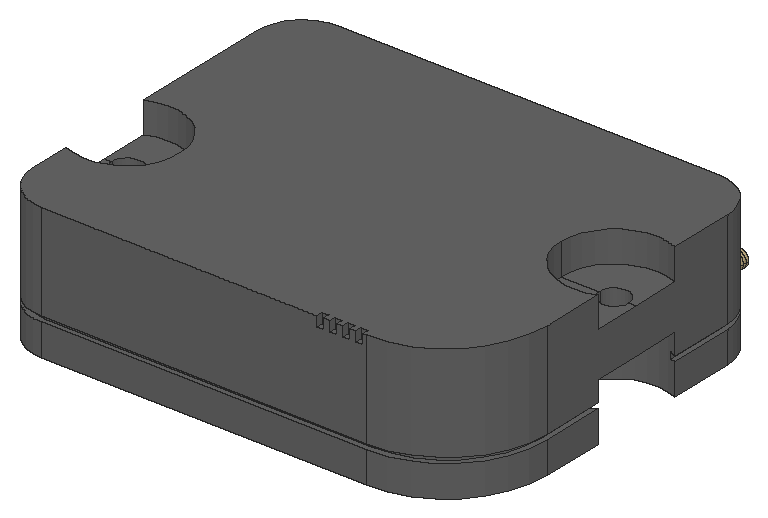
Revit family "WIR-MOD-GPRS", category Communication Devices, host Face, Revit 2021
Family settings
  Host = Face
  Maintain Annotation Orientation = No
  Round Connector Dimension = Use Diameter
  Part Type = Normal
  OmniClass Number = 23.85.80.11.27
  OmniClass Title = Lighting Controls
  Cut with Voids When Loaded = No
  Shared = Yes
  Room Calculation Point = No
Parameters
  Yellow = Paint - Gold
  Warranty = "5-Years Warranty"  # constant formula
  Type Comments = "WIR-MOD-GPRS"  # constant formula
  Red = Paint -  Red
  Product Page URL = ""
  Product Documentation Link = ""
  URL = "https://www.currentlighting.com/nxlightingcontrols"
  Model = "WIR-MOD-GPRS"  # constant formula
  Manufacturer = " NX Lighting Controls"  # constant formula
  Green = Plastic, Gray
  Feartures = "4G LTE performance at 2G power consumption (less than 1W in\r\nidle mode)\r\n• Single version for all major North American network operators\r\n• Fully automatic network operator switching: just insert SIM*\r\n• Remote management and configuration\r\n• Meets industrial-grade certifications including Class 1 Div 2,\r\nMIL-STD-810G, IP64 ingress protection\r\n• Five-year limited warranty"  # constant formula
  Description = "The wiSCAPE® Gateway Cellular Modem is a secure Ethernet modem ideal for customers requiring 24/7 broadband connectivity. With simple installation and configuration requirements, the Gateway Cellular Modem is designed to handle robust, fixed applications requiring broadband communication speeds and bandwidth."  # constant formula
  Default Elevation = 48.000"
  Copyright = "Copyright ©  NX Lighting Controls"  # constant formula
  Contact Us = ""
  Housing Material = Paint - Carbon Black
  Certifications = "Safety: IECEE Certification Bodies Scheme (CB Scheme), UL 60950\r\nVehicle Usage: E-Mark (UN ECE Regulation 10.04), ISO7637-2, SAE J1455 (Shock & Vibration)\r\nHazardous Environments: Class 1 Div 2\r\nEnvironmental: RoHS, REACH, WEEE"
  Assembly Code = "D5090"
Reference planes (in)
  plane 1 "Center (Front/Back)": y = 11.68155
  plane 2: z = 0
  plane 3 "Center (Left/Right)": x = 0
  plane 4: z = 1.34
  plane 5: x = -2.35
  plane 6: x = 2.35
  plane 7: y = 13.53155
  plane 8: y = 9.83155
Forms (in)
  Extrusion 1, solid, material "Paint - Carbon Black" <- "Housing Material"
    sketch origin (0, 0, 0) x (1, 0, 0) y (0, 1, 0)
      loop
        arc (-1.9, 13.53155) -> (-2.2182, 13.39975) -> (-2.35, 13.08155) r 0.45
        line (-2.35, 13.08155) -> (-2.35, 10.28155)
        arc (-2.35, 10.28155) -> (-2.2182, 9.96336) -> (-1.9, 9.83155) r 0.45
        line (-1.9, 9.83155) -> (1.35, 9.83155)
        arc (1.35, 9.83155) -> (2.05711, 10.12445) -> (2.35, 10.83155) r 1
        line (2.35, 10.83155) -> (2.35, 13.08155)
        arc (2.35, 13.08155) -> (2.2182, 13.39975) -> (1.9, 13.53155) r 0.45
        line (1.9, 13.53155) -> (-1.9, 13.53155)
    from 0 to 1.34
  Revolve 2, void
    sketch origin (-0.20312, 11.18155, -0.00014) x (-1, 0, 0) y (0, 0, 1)
      loop
        line (1.92662, 1.59) -> (1.92662, 0) -> (2.45787, 0) -> (2.45787, 0.5825) -> (2.07358, 0.5825) -> (2.07358, 1.02786) -> (2.45787, 1.02786) -> (2.45787, 1.59) -> (1.92662, 1.59)
      axis (1.92662, 1.59) -> (1.92662, 0)
    angle from 0 to 360
  Revolve 3, void
    sketch origin (0.20312, 11.94282, -0.00014) x (1, 0, 0) y (0, 0, 1)
      loop
        line (1.92662, 1.59) -> (1.92662, 0) -> (2.45787, 0) -> (2.45787, 0.5825) -> (2.07358, 0.5825) -> (2.07358, 1.02786) -> (2.45787, 1.02786) -> (2.45787, 1.59) -> (1.92662, 1.59)
      axis (1.92662, 1.59) -> (1.92662, 0)
    angle from 0 to 360
  Sweep 4, void
    path origin (0, 0, 0) x (1, 0, 0) y (0, 1, 0)
      loop
        line (1.9, 13.53155) -> (-1.9, 13.53155)
        arc (-1.9, 13.53155) -> (-2.2182, 13.39975) -> (-2.35, 13.08155) r 0.45
        line (-2.35, 13.08155) -> (-2.35, 10.28155)
        arc (-2.35, 10.28155) -> (-2.2182, 9.96336) -> (-1.9, 9.83155) r 0.45
        line (-1.9, 9.83155) -> (1.35, 9.83155)
        arc (1.35, 9.83155) -> (2.05711, 10.12445) -> (2.35, 10.83155) r 1
        line (2.35, 10.83155) -> (2.35, 13.08155)
        arc (2.35, 13.08155) -> (2.2182, 13.39975) -> (1.9, 13.53155) r 0.45
    profile origin (0, 13.53155, 0) x (0, -1, 0) y (0, 0, 1)
      loop
        line (0, 0.31477) -> (0.0592, 0.31477) -> (0.0592, 0.37088) -> (0, 0.37088) -> (0, 0.31477)
  Extrusion 5, void
    sketch origin (0, 0, 0) x (1, 0, 0) y (0, 1, 0)
      loop
        line (1.30457, 9.83155) -> (1.30457, 9.89133) -> (1.23616, 9.89133) -> (1.23616, 9.83155) -> (1.30457, 9.83155)
      loop
        line (1.17492, 9.83155) -> (1.17492, 9.89133) -> (1.10651, 9.89133) -> (1.10651, 9.83155) -> (1.17492, 9.83155)
      loop
        line (1.04528, 9.83155) -> (1.04528, 9.89133) -> (0.97686, 9.89133) -> (0.97686, 9.83155) -> (1.04528, 9.83155)
      loop
        line (0.91563, 9.83155) -> (0.91563, 9.89133) -> (0.84722, 9.89133) -> (0.84722, 9.83155) -> (0.91563, 9.83155)
    from 1.2387 to 1.34
  Revolve 6, solid, material "Paint - Gold" <- "Yellow"
    sketch origin (3.6875, 0, 0.56055) x (1, 0, 0) y (0, 1, 0)
      loop
        line (-1.7067, 13.53155) -> (-1.61056, 13.53155) -> (-1.63025, 13.57068)
        arc (-1.63025, 13.57068) -> (-1.62031, 13.58746) -> (-1.6314, 13.6035) r 0.01808
        arc (-1.6314, 13.6035) -> (-1.6203, 13.62018) -> (-1.6314, 13.63686) r 0.01808
        arc (-1.6314, 13.63686) -> (-1.6203, 13.65353) -> (-1.6314, 13.67021) r 0.01808
        arc (-1.6314, 13.67021) -> (-1.6203, 13.68688) -> (-1.6314, 13.70356) r 0.01808
        line (-1.6314, 13.70356) -> (-1.7067, 13.70356) -> (-1.7067, 13.53155)
      axis (-1.7067, 13.70356) -> (-1.7067, 13.53155)
    angle from 0 to 360
  Revolve 7, solid, material "Paint - Gold" <- "Yellow"
    sketch origin (-0.17187, 0, 1.02085) x (1, 0, 0) y (0, 1, 0)
      loop
        line (-1.7067, 13.53155) -> (-1.61056, 13.53155) -> (-1.63025, 13.57068)
        arc (-1.63025, 13.57068) -> (-1.62031, 13.58746) -> (-1.6314, 13.6035) r 0.01808
        arc (-1.6314, 13.6035) -> (-1.6203, 13.62018) -> (-1.6314, 13.63686) r 0.01808
        arc (-1.6314, 13.63686) -> (-1.6203, 13.65353) -> (-1.6314, 13.67021) r 0.01808
        arc (-1.6314, 13.67021) -> (-1.6203, 13.68688) -> (-1.6314, 13.70356) r 0.01808
        line (-1.6314, 13.70356) -> (-1.7067, 13.70356) -> (-1.7067, 13.53155)
      axis (-1.7067, 13.70356) -> (-1.7067, 13.53155)
    angle from 0 to 360
  Revolve 8, solid, material "Paint - Gold" <- "Yellow"
    sketch origin (0, 0, 1.04429) x (-1, 0, 0) y (0, -1, 0)
      loop
        line (-1.7067, -13.53155) -> (-1.7067, -13.70356) -> (-1.6314, -13.70356)
        arc (-1.6314, -13.70356) -> (-1.6203, -13.68688) -> (-1.6314, -13.67021) r 0.01808
        arc (-1.6314, -13.67021) -> (-1.6203, -13.65353) -> (-1.6314, -13.63686) r 0.01808
        arc (-1.6314, -13.63686) -> (-1.6203, -13.62018) -> (-1.6314, -13.6035) r 0.01808
        arc (-1.6314, -13.6035) -> (-1.62031, -13.58746) -> (-1.63025, -13.57068) r 0.01808
        line (-1.63025, -13.57068) -> (-1.61056, -13.53155) -> (-1.7067, -13.53155)
      axis (-1.7067, -13.70356) -> (-1.7067, -13.53155)
    angle from 0 to 360
  Extrusion 9, void
    sketch origin (0, 11.68155, 0) x (1, 0, 0) y (0, 0, 1)
      loop
        line (0.29006, 0.96449) -> (-0.26493, 0.96449) -> (-0.26493, 0.5808) -> (0.29006, 0.5808) -> (0.29006, 0.96449)
    from -1.88912 to -1.49975
  Extrusion 10, void
    sketch origin (0.75, 11.68155, 0) x (1, 0, 0) y (0, 0, 1)
      loop
        line (0.1717, 0.96449) -> (-0.00876, 0.96449) -> (-0.00876, 0.84525) -> (-0.07244, 0.84525) -> (-0.07244, 0.5808) -> (0.22756, 0.5808) -> (0.22756, 0.84525) -> (0.1717, 0.84525) -> (0.1717, 0.96449)
    from -1.88912 to -1.49975
  Extrusion 11, solid, material "Paint - Carbon Black" <- "Housing Material"
    sketch origin (0, 11.68155, 0) x (1, 0, 0) y (0, 0, 1)
      loop
        line (0.95756, 0.82525) -> (0.69756, 0.82525) -> (0.69756, 0.6008) -> (0.95756, 0.6008) -> (0.95756, 0.82525)
      loop
        line (0.94756, 0.81525) -> (0.83256, 0.81525) -> (0.83256, 0.71802) -> (0.94756, 0.71802) -> (0.94756, 0.81525)
      loop
        line (0.94756, 0.6108) -> (0.94756, 0.70802) -> (0.83256, 0.70802) -> (0.83256, 0.6108) -> (0.94756, 0.6108)
      loop
        line (0.70756, 0.6108) -> (0.82256, 0.6108) -> (0.82256, 0.70802) -> (0.70756, 0.70802) -> (0.70756, 0.6108)
      loop
        line (0.70756, 0.81525) -> (0.70756, 0.71802) -> (0.82256, 0.71802) -> (0.82256, 0.81525) -> (0.70756, 0.81525)
    from -1.85 to -1.49975
  Extrusion 12, solid, material "Paint - Carbon Black" <- "Housing Material"
    sketch origin (-0.81586, 11.68155, 0.04276) x (1, 0, 0) y (0, 0, 1)
      loop
        line (1.09592, 0.91173) -> (0.56094, 0.91173) -> (0.56094, 0.54804) -> (1.09592, 0.54804) -> (1.09592, 0.91173)
      loop
        line (1.08421, 0.55804) -> (1.08421, 0.7763) -> (0.94881, 0.7763) -> (0.94881, 0.83164) -> (0.88623, 0.83164) -> (0.88623, 0.86952) -> (0.81977, 0.86952) -> (0.75719, 0.86952) -> (0.75719, 0.83164) -> (0.69461, 0.83164) -> (0.69461, 0.7763) -> (0.57094, 0.7763) -> (0.57094, 0.55804) -> (1.08421, 0.55804)
    from -1.85 to -1.49975
  Extrusion 13, void
    sketch origin (-1, 11.68155, 0) x (1, 0, 0) y (0, 0, 1)
      loop
        line (0.23231, 0.90199) -> (-0.20718, 0.90199)
        arc (-0.20718, 0.90199) -> (-0.24138, 0.89077) -> (-0.2623, 0.86147) r 0.05775
        arc (-0.2623, 0.86147) -> (-0.27895, 0.83814) -> (-0.30618, 0.82921) r 0.04598
        line (-0.30618, 0.82921) -> (-0.41493, 0.82921)
        arc (-0.41493, 0.82921) -> (-0.45873, 0.74152) -> (-0.41493, 0.65383) r 0.10968
        line (-0.41493, 0.65383) -> (-0.30618, 0.65383)
        arc (-0.30618, 0.65383) -> (-0.27895, 0.6449) -> (-0.2623, 0.62157) r 0.04598
        arc (-0.2623, 0.62157) -> (-0.24138, 0.59227) -> (-0.20718, 0.58105) r 0.05775
        line (-0.20718, 0.58105) -> (0.23206, 0.5808)
        arc (0.23206, 0.5808) -> (0.26652, 0.59227) -> (0.28743, 0.62157) r 0.05775
        arc (0.28743, 0.62157) -> (0.30408, 0.6449) -> (0.33132, 0.65383) r 0.04598
        line (0.33132, 0.65383) -> (0.44006, 0.65383)
        arc (0.44006, 0.65383) -> (0.48386, 0.74152) -> (0.44006, 0.82921) r 0.10968
        line (0.44006, 0.82921) -> (0.33132, 0.82921)
        arc (0.33132, 0.82921) -> (0.30408, 0.83814) -> (0.28743, 0.86147) r 0.04598
        arc (0.28743, 0.86147) -> (0.26652, 0.89077) -> (0.23231, 0.90199) r 0.05775
    from -1.88912 to -1.69961
  Extrusion 14, solid, material "Paint - Carbon Black" <- "Housing Material"
    sketch origin (-1.81586, 11.68155, 0.04276) x (1, 0, 0) y (0, 0, 1)
      loop
        line (1.02242, 0.81969) -> (0.63084, 0.81969)
        arc (0.63084, 0.81969) -> (0.58695, 0.80061) -> (0.57098, 0.7555) r 0.06
        line (0.57098, 0.7555) -> (0.58007, 0.6255)
        arc (0.58007, 0.6255) -> (0.59901, 0.58581) -> (0.63993, 0.56969) r 0.06
        line (0.63993, 0.56969) -> (1.01333, 0.56969)
        arc (1.01333, 0.56969) -> (1.05425, 0.58581) -> (1.07318, 0.6255) r 0.06
        line (1.07318, 0.6255) -> (1.08227, 0.7555)
        arc (1.08227, 0.7555) -> (1.0663, 0.80061) -> (1.02242, 0.81969) r 0.06
      loop
        circle (0.9975, 0.75815) r 0.031
      loop
        circle (0.90565, 0.75815) r 0.031
      loop
        circle (0.82325, 0.75815) r 0.031
      loop
        circle (0.73861, 0.75815) r 0.031
      loop
        circle (0.65287, 0.75815) r 0.031
      loop
        circle (0.95828, 0.64529) r 0.031
      loop
        circle (0.87587, 0.64529) r 0.031
      loop
        circle (0.79124, 0.64529) r 0.031
      loop
        circle (0.70549, 0.64529) r 0.031
    from -1.85 to -1.69961
  Extrusion 15, void
    sketch origin (-1.85645, 11.68155, -0.19841) x (1, 0, 0) y (0, 0, 1)
      loop
        line (0.15419, 0.79262) -> (-0.1603, 0.79262)
        arc (-0.1603, 0.79262) -> (-0.19451, 0.7814) -> (-0.21542, 0.7521) r 0.05775
        line (-0.21542, 0.7521) -> (-0.21542, 0.62157)
        arc (-0.21542, 0.62157) -> (-0.19451, 0.59227) -> (-0.1603, 0.58105) r 0.05775
        line (-0.1603, 0.58105) -> (0.15419, 0.5808)
        arc (0.15419, 0.5808) -> (0.18839, 0.59227) -> (0.2093, 0.62157) r 0.05775
        line (0.2093, 0.62157) -> (0.2093, 0.7521)
        arc (0.2093, 0.7521) -> (0.18839, 0.7814) -> (0.15419, 0.79262) r 0.05775
    from -1.88912 to -1.69961
  Extrusion 16, void
    sketch origin (0, 11.68155, 0) x (1, 0, 0) y (0, 0, 1)
      loop
        arc (-1.68386, 0.51025) -> (-1.69593, 0.52472) -> (-1.71398, 0.53014) r 0.03275
        line (-1.71398, 0.53014) -> (-2.00503, 0.53014)
        arc (-2.00503, 0.53014) -> (-2.02308, 0.52472) -> (-2.03515, 0.51025) r 0.03275
        line (-2.03515, 0.51025) -> (-2.03515, 0.47049)
        arc (-2.03515, 0.47049) -> (-2.02308, 0.45603) -> (-2.00503, 0.45035) r 0.03275
        line (-2.00503, 0.45035) -> (-1.71398, 0.4506)
        arc (-1.71398, 0.4506) -> (-1.69593, 0.45603) -> (-1.68386, 0.47049) r 0.03275
        line (-1.68386, 0.47049) -> (-1.68386, 0.51025)
    from -1.7908 to -1.63951
  Extrusion 17, solid, material "Paint - Gold" <- "Yellow"
    sketch origin (0, 11.68155, 0) x (1, 0, 0) y (0, 0, 1)
      loop
        line (-1.35482, 0.8069) -> (-1.41413, 0.77266) -> (-1.41413, 0.70417) -> (-1.35482, 0.66993) -> (-1.29551, 0.70417) -> (-1.29551, 0.77266) -> (-1.35482, 0.8069)
      loop
        circle (-1.35593, 0.73746) r 0.0326
      loop
        line (-0.61979, 0.8069) -> (-0.6791, 0.77266) -> (-0.6791, 0.70417) -> (-0.61979, 0.66993) -> (-0.56048, 0.70417) -> (-0.56048, 0.77266) -> (-0.61979, 0.8069)
      loop
        circle (-0.61868, 0.73746) r 0.0326
    from -1.85 to -1.69961
Cuts and joins
  Revolve 2, Revolve 3, Sweep 4, Extrusion 5, Extrusion 9, Extrusion 10, Extrusion 13, Extrusion 15, Extrusion 16 cuts Extrusion 1
  Extrusion 13 cuts Extrusion 12
  Extrusion 15 cuts Extrusion 14
Dimensions and locks (in)
  plane 4 to plane 2 = 1.340"
  aligned and locked: plane 2 to host face
  aligned and locked: level to host face
Connectors (in)
  electrical at (-0.03929, 11.66968, 0)
    settings: on cut or joined group of Extrusion 1, Revolve 2, Revolve 3, Sweep 4, Extrusion 5, Extrusion 9, Extrusion 10, Extrusion 13, Extrusion 15, Extrusion 16, index 1, voltage 0 V, apparent load 0 VA, apparent load phase1 0 VA, apparent load phase2 0 VA, apparent load phase3 0 VA, power factor 1, load classification "Other", number of poles 1, system type 13, power factor state 1, is connector primary yes, connector utility no, sub classification motor no, connector description "GPRS Cell Modem"
